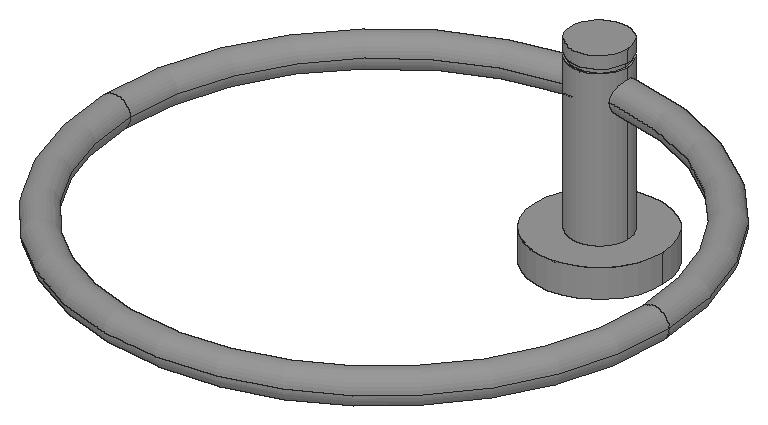
Revit family "REDE Toallero anilla BC050360B", category Generic Models, host Face, Revit 2014
Parameters
  MODELO = "REDE"
  MARCA = "WASSER"
  EMPRESA = "CHC COMERCIAL HISPANO CHILENA"
  Default Elevation = 1219.2 mm
  DIMENSIONES = ""
  CÓDIGO = "BC050360B"
  ACCESORIO = "TOALLERO ANILLA"
Reference planes
  plane 1 "Center (Front/Back)": y = 0
  plane 2: z = 0
  plane 3 "Center (Left/Right)": x = 0
  plane 4: y = -195
  plane 5: x = -100
  plane 6: x = 100
Forms (mm)
  Extrusion 1, solid, material "Steel, Polished"
    sketch origin (0, 0, 0) x (1, 0, 0) y (0, 1, 0)
      loop
        circle (0, 0) r 22.5
    from 0 to 10
  Extrusion 2, solid, material "Steel, Polished"
    sketch origin (0, 0, 0) x (1, 0, 0) y (0, 1, 0)
      loop
        circle (0, 0) r 10
    from 0 to 70
  Extrusion 3, void
    sketch origin (0, 0, 7.77) x (1, 0, 0) y (0, 1, 0)
      loop
        circle (0, 0) r 9.204
      loop
        circle (0, 0) r 10
    from 56.36 to 57.936
  Sweep 4, solid, material "Steel, Polished"
    path origin (0, 0, 55) x (1, 0, 0) y (0, 1, 0)
      loop
        circle (0, -95) r 95
    profile origin (0, 0, 55) x (0, -1, 0) y (0, 0, 1)
      loop
        circle (0, 0) r 5.5
Cuts and joins
  Extrusion 3 cuts Extrusion 2
Dimensions and locks
  aligned and locked: plane 2 to host face
  aligned and locked: level to host face
